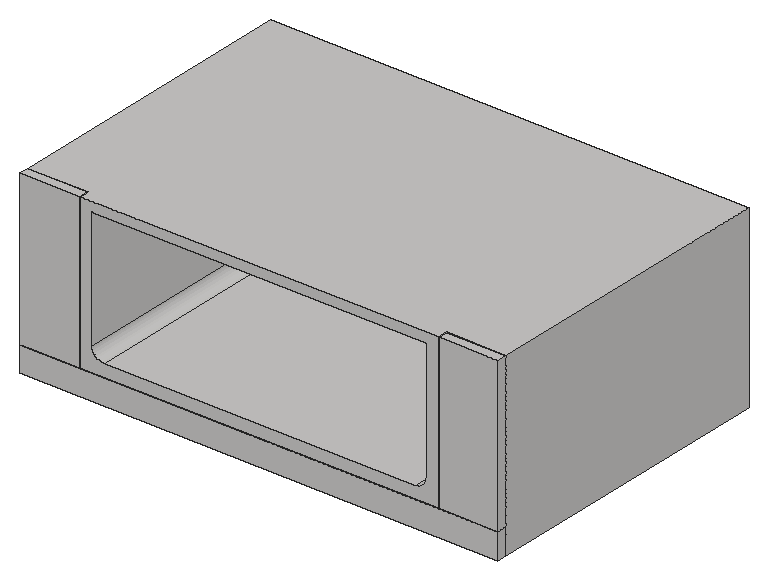
Revit family "QF_ELECTROLUXPROFESSIONAL_588575_MB1ACAKOOO", category Attrezzature speciali, Revit 2020
Family settings
  Quota connettore circolare = Usa diametro
  Tipo di parte = Normale
  Basato su piano di lavoro = No
  Sempre verticale = Sì
  Taglio con vuoti quando caricato = No
  Condiviso = No
  Punto di calcolo locali = No
Parameters (values of type "Standard")
  Weight = 25.00 kg
  Watts = 0 W
  Volts = 0 V
  URL Manufacturer = "https://www.electroluxprofessional.com/"
  URL = "https://www.electroluxprofessional.com/"
  Steam Supply Size = 0"
  Steam Supply Minimum Pressure = 0.00 psi
  Steam Supply Maximum Pressure = 0.00 psi
  Steam Consumption per Hour = 0
  Refrigeration Suction Line Size = 0 mm
  Refrigeration Liquid Line Size = 0 mm
  Refrigerant Compressor Remote = yes
  Prospetto di default = 0 mm
  Phase = 0
  Modello = "MB1ACAKOOO"
  Produttore = "Electrolux Professional"
  Length Actual = 1200 mm  # constant formula
  Item Number = "588575"
  Hot Water Size = 0"
  Height Actual = 450 mm  # constant formula
  HP = "0 HP"
  Gas Size = 0"
  Gas KW = 0
  Gas Input Pressure = 0.0 Btu/h
  Direct Waste Size = 0"
  Descrizione = "OPEN BASE,1-SIDE,H2-1200X850X450H"
  Depth Actual = 850 mm  # constant formula
  Cycle = 0 Hz
  Condensate Return Size = 0"
  Compressed Air Volume = 0 GPM
  Compressed Air Size = 0"
  Compressed Air Pressure = 0.00 psi
  Cold Water Size = 0"
  Accessory = yes
Reference planes
  plane 1 "BACK": y = 0
  plane 2: z = 0
  plane 3 "LEFT": x = 0
  plane 4 "RIGHT": x = 1200
  plane 5 "FRONT": y = -850
  plane 6 "PLAIN": z = 900
  plane 7 "Center (Left/Right)": x = 600
  plane 8 "Center (Front/Back)": y = -425
  plane 9 "TOP": z = 650
  plane 10 "BASE": z = 200
  plane 11: x = 1122
  plane 12: x = 78
  plane 13 "Feet_back": y = -150
  plane 14 "Feet_Front": y = -720
  plane 15: x = 150
  plane 16: x = 1050
  plane 17: z = 265
  plane 18: y = -45
  plane 19: y = -805
  plane 20: y = -70
  plane 21: y = -830
Forms (mm)
  Extrusion 1, solid, material "QF_Finishes_Stainless Steel"
    sketch origin (0, 0, 650) x (0, 1, 0) y (0, 0, 1)
      loop
        line (-45, -450) -> (-45, 0) -> (-805, 0) -> (-805, -450) -> (-45, -450)
    from 0 to 1200
  Extrusion 2, solid, material "QF_Finishes_Stainless Steel"
    sketch origin (0, 0, 650) x (0, 1, 0) y (0, 0, 1)
      loop
        line (-830, -450) -> (-805, -450) -> (-805, -385) -> (-830, -385) -> (-830, -450)
    from 0 to 1200
  Extrusion 3, void
    sketch origin (0, -850, 0) x (1, 0, 0) y (0, 0, 1)
      loop
        line (150, 650) -> (150, 265) -> (1050, 265) -> (1050, 650) -> (150, 650)
    from 0 to -780
  Extrusion 4, solid, material "QF_Finishes_Stainless Steel"
    sketch origin (0, -850, 0) x (1, 0, 0) y (0, 0, 1)
      loop
        line (180, 650) -> (180, 627) -> (1020, 627) -> (1020, 650) -> (180, 650)
    from -20 to -805
  Extrusion 5, solid, material "QF_Finishes_Stainless Steel"
    sketch origin (0, -850, 0) x (1, 0, 0) y (0, 0, 1)
      loop
        line (150, 650) -> (150, 265) -> (1050, 265) -> (1050, 650) -> (1020, 650) -> (1020, 325)
        arc (1020, 325) -> (1011.213, 303.787) -> (990, 295) r 30
        line (990, 295) -> (210, 295)
        arc (210, 295) -> (188.787, 303.787) -> (180, 325) r 30
        line (180, 325) -> (180, 650) -> (150, 650)
    from -20 to -780
  Extrusion 6, solid, material "QF_Finishes_Stainless Steel"
    sketch origin (0, -850, 0) x (1, 0, 0) y (0, 0, 1)
      loop
        line (0, 650) -> (0, 265) -> (150, 265) -> (150, 650) -> (0, 650)
    from -20 to -45
  Extrusion 7, solid, material "QF_Finishes_Stainless Steel"
    sketch origin (0, -850, 0) x (1, 0, 0) y (0, 0, 1)
      loop
        line (1050, 650) -> (1050, 265) -> (1200, 265) -> (1200, 650) -> (1050, 650)
    from -20 to -45
Cuts and joins
  Extrusion 3 cuts Extrusion 1
  joined: Extrusion 1, Extrusion 4, Extrusion 5
Lines and regions (mm)
  symbolic lines, style "SpecialityEquipmentHiddenLines"
    curve 1: line (0, 0, 0) -> (1200, 0, 0)
    curve 2: line (0, -850, 0) -> (0, 0, 0)
    curve 3: line (1200, -850, 0) -> (0, -850, 0)
    curve 4: line (1200, 0, 0) -> (1200, -850, 0)
Dimensions and locks
  plane 3 "LEFT" to plane 4 "RIGHT" = 1200 mm
  plane 5 "FRONT" to plane 1 "BACK" = 850 mm
  equal spacing: plane 3 "LEFT", plane 7 "Center (Left/Right)", plane 4 "RIGHT"
  equal spacing: plane 5 "FRONT", plane 8 "Center (Front/Back)", plane 1 "BACK"
  plane 6 "PLAIN" to plane 9 "TOP" = 250 mm
  plane 10 "BASE" to level = 200 mm
  plane 9 "TOP" to plane 10 "BASE" = 450 mm
  locked: plane 1 "BACK" to plane 13 "Feet_back" at 150
  locked: plane 14 "Feet_Front" to plane 5 "FRONT" at 130
  locked: plane 12 to plane 3 "LEFT" at 78
  locked: plane 11 to plane 4 "RIGHT" at 78
  plane 16 to plane 15 = 900 mm
  equal spacing: plane 16, plane 7 "Center (Left/Right)", plane 15
  locked: plane 17 to plane 10 "BASE" at 65
  locked: plane 1 "BACK" to plane 18 at 45
  plane 9 "TOP" to Extrusion 4 sketch curve = 23 mm
  locked: Extrusion 4 sketch curve to plane 15 at 30
  locked: plane 16 to Extrusion 4 sketch curve at 30
  locked: Extrusion 5 sketch curve to plane 17 at 30
  plane 6 "PLAIN" to level = 900 mm
  Extrusion 5 to Extrusion 5 = 840 mm
  locked: plane 18 to plane 20 at 25
  locked: plane 21 to plane 5 "FRONT" at 20
  locked: plane 19 to plane 21 at 25
  plane 18 to plane 21 = 785 mm
  aligned and locked: level to plane 2
  aligned and locked: Extrusion 1 to plane 4 "RIGHT"
  aligned and locked: Extrusion 1 to plane 3 "LEFT"
  aligned and locked: Extrusion 2 to plane 4 "RIGHT"
  aligned and locked: plane 9 "TOP" to Extrusion 3 sketch curve
  aligned and locked: Extrusion 3 sketch curve to plane 15
  aligned and locked: plane 16 to Extrusion 3 sketch curve
  aligned and locked: Extrusion 2 to plane 10 "BASE"
  aligned and locked: Extrusion 2 to plane 17
  aligned and locked: plane 17 to Extrusion 3 sketch curve
  aligned and locked: Extrusion 4 to plane 18
  aligned and locked: Extrusion 5 sketch curve to plane 15
  aligned and locked: plane 16 to Extrusion 5 sketch curve
  aligned and locked: plane 9 "TOP" to Extrusion 5 sketch curve  (x2)
  aligned and locked: plane 17 to Extrusion 5 sketch curve
  aligned and locked: Extrusion 5 sketch curve to Extrusion 4  (x2)
  aligned and locked: Extrusion 6 sketch curve to plane 9 "TOP"
  aligned and locked: plane 3 "LEFT" to Extrusion 6 sketch curve
  aligned and locked: Extrusion 6 sketch curve to plane 17
  aligned and locked: Extrusion 6 sketch curve to plane 15
  aligned and locked: Extrusion 7 sketch curve to plane 9 "TOP"
  aligned and locked: plane 16 to Extrusion 7 sketch curve
  aligned and locked: Extrusion 7 sketch curve to plane 17
  aligned and locked: plane 4 "RIGHT" to Extrusion 7 sketch curve
  aligned and locked: Extrusion 5 to plane 20
  aligned and locked: cut or joined group of Extrusion 1, Extrusion 3, Extrusion 4, Extrusion 5 to plane 20
  aligned and locked: cut or joined group of Extrusion 1, Extrusion 3, Extrusion 4, Extrusion 5 to plane 18
  aligned and locked: Extrusion 6 to plane 19
  aligned and locked: plane 21 to Extrusion 6
  aligned and locked: plane 21 to Extrusion 5
  aligned and locked: plane 21 to Extrusion 7
  aligned and locked: Extrusion 7 to plane 19
  aligned and locked: Extrusion 2 to plane 19
  aligned and locked: plane 21 to Extrusion 2
  aligned and locked: plane 21 to cut or joined group of Extrusion 1, Extrusion 3, Extrusion 4, Extrusion 5
Automatic sketch dimensions
  Extrusion 1 sketch curve to plane 10 "BASE" = 0 mm
  Extrusion 1 sketch curve to plane 9 "TOP" = 0 mm
  plane 1 "BACK" to Extrusion 1 sketch curve = 45 mm
  Extrusion 1 sketch curve to plane 5 "FRONT" = 45 mm
  Extrusion 2 sketch curve to plane 5 "FRONT" = 20 mm
  Extrusion 2 sketch curve to plane 9 "TOP" = 385 mm
  plane 10 "BASE" to Extrusion 2 sketch curve = 0 mm
  Extrusion 2 sketch curve to plane 5 "FRONT" = 45 mm
  Extrusion 4 sketch curve to plane 9 "TOP" = 0 mm
  Extrusion 5 sketch curve to Extrusion 5 sketch curve = 30 mm  (x2)
  curve 3 to plane 3 "LEFT" = 0 mm
  curve 3 to plane 4 "RIGHT" = 0 mm
  plane 5 "FRONT" to curve 3 = 0 mm
  plane 1 "BACK" to curve 2 = 0 mm
